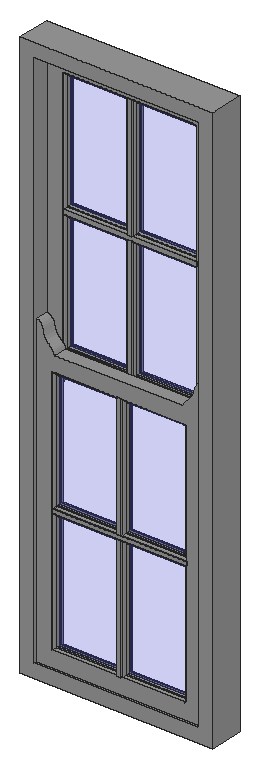
Revit family "HMS7SP", category Windows, host Wall, Revit 2015
Parameters (values of type "HMS7SP")
  Height = 1775 mm
  Default Lintel Height = 2100 mm
  Wall Closure = By host
  Width = 600 mm
Reference planes
  plane 1 "Center (Front/Back)": y = 0
  plane 2 "Center (Left/Right)": x = 0
  plane 3 "Left": x = -300
  plane 4 "Right": x = 300
  plane 5 "Sill": z = 325
  plane 6 "Head": z = 2100
  plane 7 "Exterior": y = 100
  plane 8 "Interior": y = -100
  plane 9: y = -28.5
  plane 10: y = 23.5
  plane 11: z = 1212.5
  plane 12: z = 1241
  plane 13: z = 1184
  plane 14: z = 1621
  plane 15: z = 804
Forms (mm)
  Sweep 1, solid, material "Lauan, Meranti"
    path origin (-10500, 23.5, 2100) x (0, 0, -1) y (-1, 0, 0)
      loop
        line (0, -10800) -> (1775, -10800) -> (1775, -10200) -> (0, -10200) -> (0, -10800)
    profile origin (0, 23.5, 2100) x (0, 0, 1) y (0, 1, 0)
      loop
        line (0, 29) -> (-42, 29) -> (-42, -76) -> (0, -76) -> (0, 29)
  Extrusion 2, solid, material "Lauan, Meranti"
    sketch origin (-10500, 0, 1675) x (0, 0, -1) y (-1, 0, 0)
      loop
        line (491, -10701) -> (491, -10758) -> (576, -10758)
        spline (576, -10758) -> (568.022, -10745.331) -> (558.494, -10738.581) -> (548.752, -10735.386) -> (540.116, -10733.399) -> (533.202, -10731.197) -> (527.644, -10728.636) -> (523.005, -10725.669) -> (518.783, -10722.149) -> (514.297, -10717.644) -> (508.83, -10711.691) -> (501.472, -10705.147) -> (491, -10701)
      loop
        spline (491, -10299) -> (501.472, -10294.853) -> (508.83, -10288.309) -> (514.297, -10282.356) -> (518.783, -10277.851) -> (523.005, -10274.331) -> (527.644, -10271.364) -> (533.202, -10268.803) -> (540.116, -10266.601) -> (548.752, -10264.614) -> (558.494, -10261.419) -> (568.022, -10254.669) -> (576, -10242)
        line (576, -10242) -> (491, -10242) -> (491, -10299)
    from 0 to 42
  Extrusion 3, solid, material "Lauan, Meranti"
    sketch origin (-10500, -42, 750) x (0, 0, 1) y (1, 0, 0)
      loop
        spline (491, 10701) -> (501.472, 10705.147) -> (508.83, 10711.691) -> (514.297, 10717.644) -> (518.783, 10722.149) -> (523.005, 10725.669) -> (527.644, 10728.636) -> (533.202, 10731.197) -> (540.116, 10733.399) -> (548.752, 10735.386) -> (558.494, 10738.581) -> (568.022, 10745.331) -> (576, 10758)
        line (576, 10758) -> (491, 10758) -> (491, 10701)
      loop
        line (491, 10299) -> (491, 10242) -> (576, 10242)
        spline (576, 10242) -> (568.022, 10254.669) -> (558.494, 10261.419) -> (548.752, 10264.614) -> (540.116, 10266.601) -> (533.202, 10268.803) -> (527.644, 10271.364) -> (523.005, 10274.331) -> (518.783, 10277.851) -> (514.297, 10282.356) -> (508.83, 10288.309) -> (501.472, 10294.853) -> (491, 10299)
    from 0 to 42
  Sweep 4, solid, material "Lauan, Meranti"
    path origin (-10670.807, 23.5, 1358.046) x (0, 0, -1) y (-1, 0, 0)
      loop
        line (117.046, -10928.807) -> (991.046, -10928.807) -> (991.046, -10412.807) -> (117.046, -10412.807) -> (117.046, -10928.807)
    profile origin (0, 23.5, 1241) x (0, 0, 1) y (0, 1, 0)
      loop
        line (0, -65.5) -> (0, -23.5) -> (-48, -23.5) -> (-48, -48.5) -> (-57, -48.5) -> (-57, -56.499) -> (-53.996, -56.499)
        arc (-53.996, -56.499) -> (-52.238, -60.744) -> (-47.994, -62.502) r 6.002
        line (-47.994, -62.502) -> (-47.994, -65.5) -> (0, -65.5)
  Sweep 5, solid, material "Lauan, Meranti"
    path origin (-10671.629, 23.5, 1894.103) x (0, 0, -1) y (-1, 0, 0)
      loop
        line (-163.897, -10929.629) -> (710.103, -10929.629) -> (710.103, -10413.629) -> (-163.897, -10413.629) -> (-163.897, -10929.629)
    profile origin (0, 23.5, 2058) x (0, 0, 1) y (0, 1, 0)
      loop
        line (-48, 18.5) -> (-48, -6.5) -> (-57, -6.5) -> (-57, -14.499) -> (-53.996, -14.499)
        arc (-53.996, -14.499) -> (-52.238, -18.744) -> (-47.994, -20.502) r 6.002
        line (-47.994, -20.502) -> (-47.994, -23.5) -> (0, -23.5) -> (0, 18.5) -> (-48, 18.5)
  Extrusion 6, solid, material "Lauan, Meranti"
    sketch origin (0, 18.5, 42) x (1, 0, 0) y (0, 1, 0)
      loop
        line (-6.5, 23.5) -> (-6.5, -1.5) -> (-15.5, -1.5) -> (-15.5, -9.5) -> (-12.5, -9.5)
        arc (-12.5, -9.5) -> (-10.743, -13.743) -> (-6.5, -15.5) r 6
        line (-6.5, -15.5) -> (-6.5, -18.5) -> (6.5, -18.5) -> (6.5, -15.5)
        arc (6.5, -15.5) -> (10.743, -13.743) -> (12.5, -9.5) r 6
        line (12.5, -9.5) -> (15.5, -9.5) -> (15.5, -1.5) -> (6.5, -1.5) -> (6.5, 23.5) -> (-6.5, 23.5)
    from 1585.5 to 1968
  Sweep 7, solid, material "Lauan, Meranti"
    path origin (-463.766, 100, -560.916) x (1, 0, 0) y (0, 0, 1)
      loop
        line (457.266, 2570.916) -> (253.766, 2570.916) -> (253.766, 2188.416) -> (457.266, 2188.416) -> (457.266, 2570.916)
    profile origin (-108.25, 100, 2010) x (0, 0, -1) y (0, -1, 0)
      loop
        arc (0, 68.6) -> (4.67, 70.234) -> (7, 74.6) r 6.807
        line (7, 74.6) -> (9, 74.6) -> (9, 76.6) -> (0, 76.6) -> (0, 68.6)
  Sweep 8, solid, material "Lauan, Meranti"
    path origin (463.766, 100, -560.916) x (-1, 0, 0) y (0, 0, -1)
      loop
        line (457.266, -2570.916) -> (457.266, -2188.416) -> (253.766, -2188.416) -> (253.766, -2570.916) -> (457.266, -2570.916)
    profile origin (108.25, 100, 2010) x (0, 0, 1) y (0, -1, 0)
      loop
        line (0, 68.6) -> (0, 76.6) -> (-9, 76.6) -> (-9, 74.6) -> (-7, 74.6)
        arc (-7, 74.6) -> (-4.67, 70.234) -> (0, 68.6) r 6.807
  Extrusion 9, solid, material "Glass"
    sketch origin (-10697.216, 17, 1835.091) x (0, 0, -1) y (-1, 0, 0)
      loop
        line (-174.909, -10907.216) -> (207.591, -10907.216) -> (207.591, -10703.716) -> (-174.909, -10703.716) -> (-174.909, -10907.216)
      loop
        line (-174.909, -10690.716) -> (207.591, -10690.716) -> (207.591, -10487.216) -> (-174.909, -10487.216) -> (-174.909, -10690.716)
      loop
        line (220.591, -10907.216) -> (603.091, -10907.216) -> (603.091, -10703.716) -> (220.591, -10703.716) -> (220.591, -10907.216)
      loop
        line (220.591, -10690.716) -> (603.091, -10690.716) -> (603.091, -10487.216) -> (220.591, -10487.216) -> (220.591, -10690.716)
    from 0 to 6.4
  Extrusion 10, solid, material "Lauan, Meranti"
    sketch origin (1499, 18.5, 1621) x (0, 0, 1) y (0, 1, 0)
      loop
        line (-6.5, 23.5) -> (-6.5, -1.5) -> (-15.5, -1.5) -> (-15.5, -9.5) -> (-12.5, -9.5)
        arc (-12.5, -9.5) -> (-10.743, -13.743) -> (-6.5, -15.5) r 6
        line (-6.5, -15.5) -> (-6.5, -18.5) -> (6.5, -18.5) -> (6.5, -15.5)
        arc (6.5, -15.5) -> (10.743, -13.743) -> (12.5, -9.5) r 6
        line (12.5, -9.5) -> (15.5, -9.5) -> (15.5, -1.5) -> (6.5, -1.5) -> (6.5, 23.5) -> (-6.5, 23.5)
    from 1289 to 1709
  Extrusion 11, solid, material "Lauan, Meranti"
    sketch origin (0, 18.5, -353.5) x (1, 0, 0) y (0, 1, 0)
      loop
        line (-6.5, 23.5) -> (-6.5, -1.5) -> (-15.5, -1.5) -> (-15.5, -9.5) -> (-12.5, -9.5)
        arc (-12.5, -9.5) -> (-10.743, -13.743) -> (-6.5, -15.5) r 6
        line (-6.5, -15.5) -> (-6.5, -18.5) -> (6.5, -18.5) -> (6.5, -15.5)
        arc (6.5, -15.5) -> (10.743, -13.743) -> (12.5, -9.5) r 6
        line (12.5, -9.5) -> (15.5, -9.5) -> (15.5, -1.5) -> (6.5, -1.5) -> (6.5, 23.5) -> (-6.5, 23.5)
    from 1585.5 to 1968
  Sweep 12, solid, material "Lauan, Meranti"
    path origin (-463.766, 100, -956.416) x (1, 0, 0) y (0, 0, 1)
      loop
        line (457.266, 2570.916) -> (253.766, 2570.916) -> (253.766, 2188.416) -> (457.266, 2188.416) -> (457.266, 2570.916)
    profile origin (-108.25, 100, 1614.5) x (0, 0, -1) y (0, -1, 0)
      loop
        arc (0, 68.6) -> (4.67, 70.234) -> (7, 74.6) r 6.807
        line (7, 74.6) -> (9, 74.6) -> (9, 76.6) -> (0, 76.6) -> (0, 68.6)
  Sweep 13, solid, material "Lauan, Meranti"
    path origin (463.766, 100, -956.416) x (-1, 0, 0) y (0, 0, -1)
      loop
        line (457.266, -2570.916) -> (457.266, -2188.416) -> (253.766, -2188.416) -> (253.766, -2570.916) -> (457.266, -2570.916)
    profile origin (108.25, 100, 1614.5) x (0, 0, 1) y (0, -1, 0)
      loop
        line (0, 68.6) -> (0, 76.6) -> (-9, 76.6) -> (-9, 74.6) -> (-7, 74.6)
        arc (-7, 74.6) -> (-4.67, 70.234) -> (0, 68.6) r 6.807
  Extrusion 14, solid, material "Lauan, Meranti"
    sketch origin (0, -23.5, -775) x (1, 0, 0) y (0, 1, 0)
      loop
        line (-6.5, 23.5) -> (-6.5, -1.5) -> (-15.5, -1.5) -> (-15.5, -9.5) -> (-12.5, -9.5)
        arc (-12.5, -9.5) -> (-10.743, -13.743) -> (-6.5, -15.5) r 6
        line (-6.5, -15.5) -> (-6.5, -18.5) -> (6.5, -18.5) -> (6.5, -15.5)
        arc (6.5, -15.5) -> (10.743, -13.743) -> (12.5, -9.5) r 6
        line (12.5, -9.5) -> (15.5, -9.5) -> (15.5, -1.5) -> (6.5, -1.5) -> (6.5, 23.5) -> (-6.5, 23.5)
    from 1585.5 to 1968
  Sweep 15, solid, material "Lauan, Meranti"
    path origin (-463.766, 58, -1377.916) x (1, 0, 0) y (0, 0, 1)
      loop
        line (457.266, 2570.916) -> (253.766, 2570.916) -> (253.766, 2188.416) -> (457.266, 2188.416) -> (457.266, 2570.916)
    profile origin (-108.25, 58, 1193) x (0, 0, -1) y (0, -1, 0)
      loop
        arc (0, 68.6) -> (4.67, 70.234) -> (7, 74.6) r 6.807
        line (7, 74.6) -> (9, 74.6) -> (9, 76.6) -> (0, 76.6) -> (0, 68.6)
  Sweep 16, solid, material "Lauan, Meranti"
    path origin (463.766, 58, -1377.916) x (-1, 0, 0) y (0, 0, -1)
      loop
        line (457.266, -2570.916) -> (457.266, -2188.416) -> (253.766, -2188.416) -> (253.766, -2570.916) -> (457.266, -2570.916)
    profile origin (108.25, 58, 1193) x (0, 0, 1) y (0, -1, 0)
      loop
        line (0, 68.6) -> (0, 76.6) -> (-9, 76.6) -> (-9, 74.6) -> (-7, 74.6)
        arc (-7, 74.6) -> (-4.67, 70.234) -> (0, 68.6) r 6.807
  Extrusion 17, solid, material "Glass"
    sketch origin (-10697.216, -25, 1018.091) x (0, 0, -1) y (-1, 0, 0)
      loop
        line (-174.909, -10907.216) -> (207.591, -10907.216) -> (207.591, -10703.716) -> (-174.909, -10703.716) -> (-174.909, -10907.216)
      loop
        line (-174.909, -10690.716) -> (207.591, -10690.716) -> (207.591, -10487.216) -> (-174.909, -10487.216) -> (-174.909, -10690.716)
      loop
        line (220.591, -10907.216) -> (603.091, -10907.216) -> (603.091, -10703.716) -> (220.591, -10703.716) -> (220.591, -10907.216)
      loop
        line (220.591, -10690.716) -> (603.091, -10690.716) -> (603.091, -10487.216) -> (220.591, -10487.216) -> (220.591, -10690.716)
    from 0 to 6.4
  Extrusion 18, solid, material "Lauan, Meranti"
    sketch origin (1499, -23.5, 804) x (0, 0, 1) y (0, 1, 0)
      loop
        line (-6.5, 23.5) -> (-6.5, -1.5) -> (-15.5, -1.5) -> (-15.5, -9.5) -> (-12.5, -9.5)
        arc (-12.5, -9.5) -> (-10.743, -13.743) -> (-6.5, -15.5) r 6
        line (-6.5, -15.5) -> (-6.5, -18.5) -> (6.5, -18.5) -> (6.5, -15.5)
        arc (6.5, -15.5) -> (10.743, -13.743) -> (12.5, -9.5) r 6
        line (12.5, -9.5) -> (15.5, -9.5) -> (15.5, -1.5) -> (6.5, -1.5) -> (6.5, 23.5) -> (-6.5, 23.5)
    from 1289 to 1709
  Extrusion 19, solid, material "Lauan, Meranti"
    sketch origin (0, -23.5, -1170.5) x (1, 0, 0) y (0, 1, 0)
      loop
        line (-6.5, 23.5) -> (-6.5, -1.5) -> (-15.5, -1.5) -> (-15.5, -9.5) -> (-12.5, -9.5)
        arc (-12.5, -9.5) -> (-10.743, -13.743) -> (-6.5, -15.5) r 6
        line (-6.5, -15.5) -> (-6.5, -18.5) -> (6.5, -18.5) -> (6.5, -15.5)
        arc (6.5, -15.5) -> (10.743, -13.743) -> (12.5, -9.5) r 6
        line (12.5, -9.5) -> (15.5, -9.5) -> (15.5, -1.5) -> (6.5, -1.5) -> (6.5, 23.5) -> (-6.5, 23.5)
    from 1585.5 to 1968
  Sweep 20, solid, material "Lauan, Meranti"
    path origin (-463.766, 58, -1773.416) x (1, 0, 0) y (0, 0, 1)
      loop
        line (457.266, 2570.916) -> (253.766, 2570.916) -> (253.766, 2188.416) -> (457.266, 2188.416) -> (457.266, 2570.916)
    profile origin (-108.25, 58, 797.5) x (0, 0, -1) y (0, -1, 0)
      loop
        arc (0, 68.6) -> (4.67, 70.234) -> (7, 74.6) r 6.807
        line (7, 74.6) -> (9, 74.6) -> (9, 76.6) -> (0, 76.6) -> (0, 68.6)
  Sweep 21, solid, material "Lauan, Meranti"
    path origin (463.766, 58, -1773.416) x (-1, 0, 0) y (0, 0, -1)
      loop
        line (457.266, -2570.916) -> (457.266, -2188.416) -> (253.766, -2188.416) -> (253.766, -2570.916) -> (457.266, -2570.916)
    profile origin (108.25, 58, 797.5) x (0, 0, 1) y (0, -1, 0)
      loop
        line (0, 68.6) -> (0, 76.6) -> (-9, 76.6) -> (-9, 74.6) -> (-7, 74.6)
        arc (-7, 74.6) -> (-4.67, 70.234) -> (0, 68.6) r 6.807
Cuts and joins
  joined: Extrusion 3, Sweep 4
  joined: Extrusion 2, Sweep 5
Lines and regions (mm)
  Opening 1
    outline origin (3500, -100, 0) x (1, 0, 0) y (0, 0, 1)
      loop
        line (-3200, 325) -> (-3200, 2100) -> (-3800, 2100) -> (-3800, 325) -> (-3200, 325)
  model lines
    curve 1: line (258, 42, 2058) -> (0, 42, 1184)
    curve 2: line (-258, 42, 2058) -> (0, 42, 1184)
Text (mm)
  text "EXTERIOR" at (-1963.203, 1332.353, 0), in view "Ref. Level"
  text "INTERIOR" at (-1981.466, -818.386, 0), in view "Ref. Level"
  text "Exterior" at (0, 923.751, 2943.296), in view "Right"
  text "Exterior" at (0, 1040.484, 2685.409), in view "Left"
Dimensions and locks
  equal spacing: plane 3 "Left", plane 2 "Center (Left/Right)", plane 4 "Right"
  "Width": plane 3 "Left" to plane 4 "Right"
  "Height": plane 5 "Sill" to plane 6 "Head"
  "Default Lintel Height": plane 6 "Head" to level
  locked: plane 7 "Exterior" to host wall at 0
  locked: plane 8 "Interior" to host wall
  locked: plane 10 to plane 9 at 52
  plane 3 "Left" to plane 4 "Right" = 600 mm
  aligned and locked: Sweep 1 sketch curve to host wall  (x4)
  aligned and locked: Sweep 4 sketch curve to plane 12
  aligned and locked: plane 13 to Sweep 5 sketch curve
  aligned and locked: Sweep 7 sketch curve to Extrusion 6
  aligned and locked: Extrusion 6 to cut or joined group of Extrusion 2, Sweep 5
  aligned and locked: Sweep 7 sketch curve to cut or joined group of Extrusion 2, Sweep 5
  aligned and locked: cut or joined group of Extrusion 2, Sweep 5 to Sweep 8 sketch curve
  aligned and locked: Extrusion 9 sketch curve to Extrusion 6  (x2)
  aligned and locked: Extrusion 9 sketch curve to Sweep 7
  aligned and locked: Extrusion 9 sketch curve to Extrusion 10  (x2)
  aligned and locked: Extrusion 9 sketch curve to Extrusion 11  (x3)
  aligned and locked: Sweep 8 sketch curve to Extrusion 9
  aligned and locked: Sweep 8 sketch curve to Extrusion 6
  aligned and locked: Sweep 13 sketch curve to Extrusion 9  (x2)
  aligned and locked: Sweep 12 sketch curve to Extrusion 9  (x2)
  aligned and locked: Sweep 15 sketch curve to Extrusion 14
  aligned and locked: Extrusion 17 sketch curve to Extrusion 14  (x2)
  aligned and locked: Extrusion 17 sketch curve to Sweep 15
  aligned and locked: Extrusion 17 sketch curve to Extrusion 18  (x2)
  aligned and locked: Extrusion 17 sketch curve to Extrusion 19  (x3)
  aligned and locked: Sweep 16 sketch curve to Extrusion 17
  aligned and locked: Sweep 16 sketch curve to Extrusion 14
  aligned and locked: Sweep 21 sketch curve to Extrusion 17  (x2)
  aligned and locked: Sweep 20 sketch curve to Extrusion 17  (x2)
Automatic sketch dimensions
  plane 3 "Left" to Opening 1 sketch curve = 0 mm
  plane 4 "Right" to Opening 1 sketch curve = 0 mm
  Opening 1 sketch curve to plane 5 "Sill" = 0 mm
  Opening 1 sketch curve to plane 6 "Head" = 0 mm
  profile plane to Sweep 1 sketch curve = 0 mm
  profile plane to Sweep 1 sketch curve = 42 mm
  Sweep 1 sketch curve to plane 10 = 76 mm
  plane 10 to Sweep 1 sketch curve = 29 mm
  plane 2 "Center (Left/Right)" to curve 1 = 0 mm
  curve 1 to plane 13 = 0 mm
  curve 2 to plane 3 "Left" = 42 mm
  plane 4 "Right" to curve 1 = 42 mm
  plane 6 "Head" to curve 2 = 42 mm
  plane 6 "Head" to curve 1 = 42 mm
  Extrusion 2 sketch curve to plane 13 = 0 mm  (x2)
  Extrusion 2 sketch curve to plane 3 "Left" = 42 mm
  Extrusion 2 sketch curve to plane 13 = 85 mm  (x2)
  plane 4 "Right" to Extrusion 2 sketch curve = 42 mm
  Extrusion 2 sketch curve to Extrusion 2 sketch curve = 57 mm  (x2)
  Extrusion 3 sketch curve to plane 12 = 0 mm  (x2)
  Extrusion 3 sketch curve to plane 3 "Left" = 42 mm
  Extrusion 3 sketch curve to Extrusion 3 sketch curve = 85 mm  (x2)
  plane 4 "Right" to Extrusion 3 sketch curve = 42 mm
  Extrusion 3 sketch curve to Extrusion 3 sketch curve = 57 mm  (x2)
  Sweep 4 sketch curve to plane 5 "Sill" = 42 mm
  plane 4 "Right" to Sweep 4 sketch curve = 42 mm
  Sweep 4 sketch curve to plane 3 "Left" = 42 mm
  profile plane to Sweep 4 sketch curve = 0 mm
  Sweep 4 sketch curve to Sweep 4 sketch curve = 47.994 mm
  Sweep 4 sketch curve to Sweep 4 sketch curve = 0.006 mm
  Sweep 4 sketch curve to Sweep 4 sketch curve = 6.002 mm
  Sweep 4 sketch curve to Sweep 4 sketch curve = 3.004 mm
  Sweep 4 sketch curve to profile plane = 65.5 mm
  Sweep 4 sketch curve to Sweep 4 sketch curve = 2.998 mm
  Sweep 4 sketch curve to Sweep 4 sketch curve = 7.999 mm
  Sweep 4 sketch curve to profile plane = 23.5 mm
  plane 6 "Head" to Sweep 5 sketch curve = 42 mm
  plane 4 "Right" to Sweep 5 sketch curve = 42 mm
  Sweep 5 sketch curve to plane 3 "Left" = 42 mm
  profile plane to Sweep 5 sketch curve = 0 mm
  Sweep 5 sketch curve to profile plane = 23.5 mm
  profile plane to Sweep 5 sketch curve = 47.994 mm
  Sweep 5 sketch curve to Sweep 5 sketch curve = 0.006 mm
  Sweep 5 sketch curve to Sweep 5 sketch curve = 6.002 mm
  Sweep 5 sketch curve to Sweep 5 sketch curve = 3.004 mm
  Sweep 5 sketch curve to Sweep 5 sketch curve = 2.998 mm
  Sweep 5 sketch curve to profile plane = 6.5 mm
  profile plane to Sweep 5 sketch curve = 18.5 mm
  host wall to Extrusion 6 sketch curve = 0 mm
  plane 2 "Center (Left/Right)" to Extrusion 6 sketch curve = 15.5 mm
  Extrusion 6 sketch curve to Extrusion 6 sketch curve = 3 mm  (x3)
  plane 2 "Center (Left/Right)" to Extrusion 6 sketch curve = 6.5 mm  (x2)
  Extrusion 6 sketch curve to host wall = 3 mm
  Extrusion 6 sketch curve to plane 2 "Center (Left/Right)" = 6.5 mm  (x2)
  Extrusion 6 sketch curve to Extrusion 6 sketch curve = 6 mm
  Extrusion 6 sketch curve to plane 10 = 6.5 mm  (x2)
  plane 10 to Extrusion 6 sketch curve = 18.5 mm
  plane 14 to Sweep 7 sketch curve = 6.5 mm
  Sweep 7 sketch curve to plane 3 "Left" = 90 mm
  Sweep 7 sketch curve to profile plane = 0 mm
  Sweep 7 sketch curve to profile plane = 0.241 mm
  Sweep 7 sketch curve to Sweep 7 sketch curve = 6.759 mm
  Sweep 7 sketch curve to Sweep 7 sketch curve = 2 mm  (x2)
  profile plane to Sweep 7 sketch curve = 68.6 mm
  Sweep 7 sketch curve to Sweep 7 sketch curve = 6 mm
  plane 4 "Right" to Sweep 8 sketch curve = 90 mm
  profile plane to Sweep 8 sketch curve = 0 mm
  profile plane to Sweep 8 sketch curve = 0.241 mm
  Sweep 8 sketch curve to Sweep 8 sketch curve = 6.759 mm
  Sweep 8 sketch curve to Sweep 8 sketch curve = 2 mm  (x2)
  profile plane to Sweep 8 sketch curve = 68.6 mm
  Sweep 8 sketch curve to Sweep 8 sketch curve = 6 mm
  plane 6 "Head" to Extrusion 9 sketch curve = 90 mm
  Extrusion 9 sketch curve to Extrusion 9 sketch curve = 0 mm  (x2)
  Extrusion 9 sketch curve to plane 12 = 9 mm  (x2)
  plane 4 "Right" to Extrusion 9 sketch curve = 90 mm
  Extrusion 9 sketch curve to plane 3 "Left" = 90 mm  (x2)
  Extrusion 10 sketch curve to host wall = 0 mm
  Extrusion 10 sketch curve to plane 14 = 15.5 mm
  Extrusion 10 sketch curve to Extrusion 10 sketch curve = 3 mm  (x3)
  Extrusion 10 sketch curve to plane 14 = 6.5 mm  (x2)
  Extrusion 10 sketch curve to host wall = 3 mm
  plane 14 to Extrusion 10 sketch curve = 6.5 mm  (x2)
  Extrusion 10 sketch curve to Extrusion 10 sketch curve = 6 mm
  Extrusion 10 sketch curve to plane 10 = 6.5 mm  (x2)
  plane 10 to Extrusion 10 sketch curve = 18.5 mm
  host wall to Extrusion 11 sketch curve = 0 mm
  plane 2 "Center (Left/Right)" to Extrusion 11 sketch curve = 15.5 mm
  Extrusion 11 sketch curve to Extrusion 11 sketch curve = 3 mm  (x3)
  plane 2 "Center (Left/Right)" to Extrusion 11 sketch curve = 6.5 mm  (x2)
  Extrusion 11 sketch curve to host wall = 3 mm
  Extrusion 11 sketch curve to plane 2 "Center (Left/Right)" = 6.5 mm  (x2)
  Extrusion 11 sketch curve to Extrusion 11 sketch curve = 6 mm
  Extrusion 11 sketch curve to plane 10 = 6.5 mm  (x2)
  plane 10 to Extrusion 11 sketch curve = 18.5 mm
  Sweep 12 sketch curve to plane 12 = 9 mm
  Sweep 12 sketch curve to plane 3 "Left" = 90 mm
  Sweep 12 sketch curve to profile plane = 0 mm
  Sweep 12 sketch curve to profile plane = 0.241 mm
  Sweep 12 sketch curve to Sweep 12 sketch curve = 6.759 mm
  Sweep 12 sketch curve to Sweep 12 sketch curve = 2 mm  (x2)
  profile plane to Sweep 12 sketch curve = 68.6 mm
  Sweep 12 sketch curve to Sweep 12 sketch curve = 6 mm
  Sweep 13 sketch curve to plane 12 = 9 mm
  plane 4 "Right" to Sweep 13 sketch curve = 90 mm
  profile plane to Sweep 13 sketch curve = 0 mm
  profile plane to Sweep 13 sketch curve = 0.241 mm
  Sweep 13 sketch curve to Sweep 13 sketch curve = 6.759 mm
  Sweep 13 sketch curve to Sweep 13 sketch curve = 2 mm  (x2)
  profile plane to Sweep 13 sketch curve = 68.6 mm
  Sweep 13 sketch curve to Sweep 13 sketch curve = 6 mm
  host wall to Extrusion 14 sketch curve = 0 mm
  Extrusion 14 sketch curve to plane 9 = 4.5 mm
  plane 2 "Center (Left/Right)" to Extrusion 14 sketch curve = 15.5 mm
  Extrusion 14 sketch curve to Extrusion 14 sketch curve = 3 mm  (x3)
  plane 2 "Center (Left/Right)" to Extrusion 14 sketch curve = 6.5 mm  (x2)
  Extrusion 14 sketch curve to plane 2 "Center (Left/Right)" = 6.5 mm  (x2)
  Extrusion 14 sketch curve to Extrusion 14 sketch curve = 6 mm
  plane 9 to Extrusion 14 sketch curve = 3.5 mm  (x2)
  Extrusion 14 sketch curve to plane 9 = 10.5 mm
  plane 15 to Sweep 15 sketch curve = 6.5 mm
  Sweep 15 sketch curve to plane 3 "Left" = 90 mm
  plane 13 to Sweep 15 sketch curve = 9 mm
  Sweep 15 sketch curve to profile plane = 0 mm
  Sweep 15 sketch curve to profile plane = 0.241 mm
  Sweep 15 sketch curve to Sweep 15 sketch curve = 6.759 mm
  Sweep 15 sketch curve to Sweep 15 sketch curve = 2 mm  (x2)
  profile plane to Sweep 15 sketch curve = 68.6 mm
  Sweep 15 sketch curve to Sweep 15 sketch curve = 6 mm
  plane 4 "Right" to Sweep 16 sketch curve = 90 mm
  plane 13 to Sweep 16 sketch curve = 9 mm
  profile plane to Sweep 16 sketch curve = 0 mm
  profile plane to Sweep 16 sketch curve = 0.241 mm
  Sweep 16 sketch curve to Sweep 16 sketch curve = 6.759 mm
  Sweep 16 sketch curve to Sweep 16 sketch curve = 2 mm  (x2)
  profile plane to Sweep 16 sketch curve = 68.6 mm
  Sweep 16 sketch curve to Sweep 16 sketch curve = 6 mm
  plane 13 to Extrusion 17 sketch curve = 9 mm  (x2)
  Extrusion 17 sketch curve to plane 5 "Sill" = 90 mm
  Extrusion 17 sketch curve to Extrusion 17 sketch curve = 0 mm  (x2)
  plane 4 "Right" to Extrusion 17 sketch curve = 90 mm
  Extrusion 17 sketch curve to plane 3 "Left" = 90 mm  (x2)
  Extrusion 18 sketch curve to host wall = 0 mm
  Extrusion 18 sketch curve to plane 9 = 4.5 mm
  Extrusion 18 sketch curve to plane 15 = 15.5 mm
  Extrusion 18 sketch curve to Extrusion 18 sketch curve = 3 mm  (x3)
  Extrusion 18 sketch curve to plane 15 = 6.5 mm  (x2)
  plane 15 to Extrusion 18 sketch curve = 6.5 mm  (x2)
  Extrusion 18 sketch curve to Extrusion 18 sketch curve = 6 mm
  plane 9 to Extrusion 18 sketch curve = 3.5 mm  (x2)
  Extrusion 18 sketch curve to plane 9 = 10.5 mm
  host wall to Extrusion 19 sketch curve = 0 mm
  Extrusion 19 sketch curve to plane 9 = 4.5 mm
  plane 2 "Center (Left/Right)" to Extrusion 19 sketch curve = 15.5 mm
  Extrusion 19 sketch curve to Extrusion 19 sketch curve = 3 mm  (x3)
  plane 2 "Center (Left/Right)" to Extrusion 19 sketch curve = 6.5 mm  (x2)
  Extrusion 19 sketch curve to plane 2 "Center (Left/Right)" = 6.5 mm  (x2)
  Extrusion 19 sketch curve to Extrusion 19 sketch curve = 6 mm
  plane 9 to Extrusion 19 sketch curve = 3.5 mm  (x2)
  Extrusion 19 sketch curve to plane 9 = 10.5 mm
  Sweep 20 sketch curve to plane 3 "Left" = 90 mm
  Sweep 20 sketch curve to plane 5 "Sill" = 90 mm
  Sweep 20 sketch curve to profile plane = 0 mm
  Sweep 20 sketch curve to profile plane = 0.241 mm
  Sweep 20 sketch curve to Sweep 20 sketch curve = 6.759 mm
  Sweep 20 sketch curve to Sweep 20 sketch curve = 2 mm  (x2)
  profile plane to Sweep 20 sketch curve = 68.6 mm
  Sweep 20 sketch curve to Sweep 20 sketch curve = 6 mm
  plane 4 "Right" to Sweep 21 sketch curve = 90 mm
  Sweep 21 sketch curve to plane 5 "Sill" = 90 mm
  profile plane to Sweep 21 sketch curve = 0 mm
  profile plane to Sweep 21 sketch curve = 0.241 mm
  Sweep 21 sketch curve to Sweep 21 sketch curve = 6.759 mm
  Sweep 21 sketch curve to Sweep 21 sketch curve = 2 mm  (x2)
  profile plane to Sweep 21 sketch curve = 68.6 mm
  Sweep 21 sketch curve to Sweep 21 sketch curve = 6 mm
